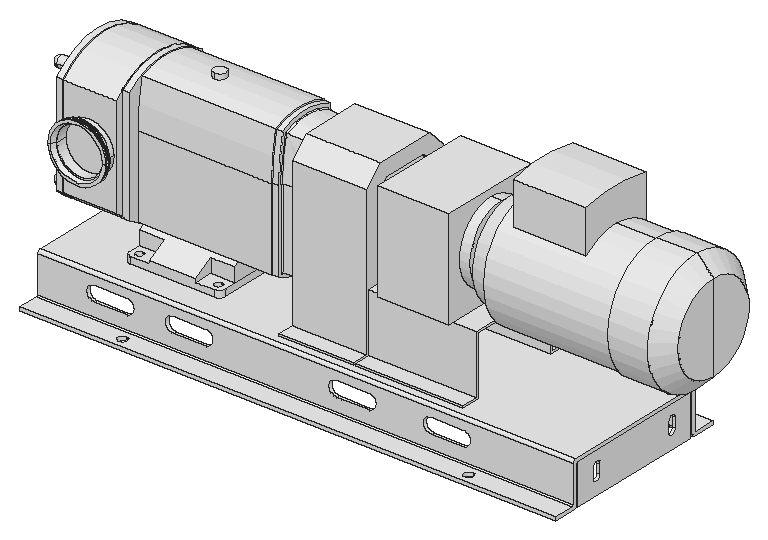
Revit family "MLP 60 - MR172 - Lobe Pump ", category Specialty Equipment, Revit 2022
Family settings
  Round Connector Dimension = Use Diameter
  Part Type = Normal
  Work Plane-Based = No
  Always vertical = Yes
  Cut with Voids When Loaded = No
  Maintain Annotation Orientation = No
  Shared = No
  Room Calculation Point = No
Parameters (values of type "MLP 60 - 3kW")
  URL = "https://en.ekinendustriyel.com/lobe-pumps/lobe-pumps"
  Type2 = not(Type1)  # no
  Type1 = yes
  Pressure = 10.0 bar  # constant formula
  Motor Power = 3 kW
  Model = "MLP-60-TUL - MR172"
  Manufacturer = "Ekin Endüstriyel"
  Keynote = "Lobe Pump"
  Flow = 16.0 m³/h  # constant formula
  Description = "MIT MLP 60 - Lobe Pump"
  Default Elevation = 0 mm
Types (3, lengths in mm): name | Type2 | Type1 | Motor Power
  (no name) | no | yes | 3 kW
  MLP 60 - 3kW | no | yes | 3 kW
  MLP 60 - 4kW | yes | no | 4 kW
Reference planes
  plane 1 "Center (Front/Back)": y = 0
  plane 2: z = 0
  plane 3 "Center (Left/Right)": x = 0
Forms (mm)
  Extrusion 1, solid, material "Ekin Endüstriyel_StainlesSteel", detail levels medium+fine
    sketch origin (0, 0, 0) x (1, 0, 0) y (0, 1, 0)
      loop
        arc (-16.982, -65) -> (-14.053, -72.071) -> (-6.982, -75) r 10
        line (-6.982, -75) -> (125.018, -75)
        arc (125.018, -75) -> (132.089, -72.071) -> (135.018, -65) r 10
        line (135.018, -65) -> (135.018, 65)
        arc (135.018, 65) -> (132.089, 72.071) -> (125.018, 75) r 10
        line (125.018, 75) -> (-6.982, 75)
        arc (-6.982, 75) -> (-14.053, 72.071) -> (-16.982, 65) r 10
        line (-16.982, 65) -> (-16.982, -65)
      loop
        circle (-3.482, 62.5) r 6
      loop
        circle (121.518, 62.5) r 6
      loop
        circle (121.518, -62.5) r 6
      loop
        circle (-3.482, -62.5) r 6
    from 0 to 10
  Extrusion 2, solid, material "Ekin Endüstriyel_StainlesSteel", detail levels medium+fine
    sketch origin (0, 0, 0) x (0, 1, 0) y (0, 0, 1)
      loop
        arc (82, 229.629) -> (0, 264) -> (-82, 229.629) r 115
        line (-82, 229.629) -> (-82, 68.371)
        arc (-82, 68.371) -> (0, 34) -> (82, 68.371) r 115
        line (82, 68.371) -> (82, 229.629)
    from -109.482 to -119.482
  Extrusion 3, solid, material "Ekin Endüstriyel_StainlesSteel", detail levels medium+fine
    sketch origin (0, 0, 0) x (0, 1, 0) y (0, 0, 1)
      loop
        line (-82, 229.629) -> (-82, 68.371)
        arc (-82, 68.371) -> (0, 34) -> (82, 68.371) r 115
        line (82, 68.371) -> (82, 229.629)
        arc (82, 229.629) -> (0, 264) -> (-82, 229.629) r 115
    from -24.482 to -109.482
  Extrusion 4, solid, material "Ekin Endüstriyel_StainlesSteel", detail levels medium+fine
    sketch origin (0, 0, 0) x (0, 1, 0) y (0, 0, 1)
      loop
        line (-56, 179.34) -> (-56, 49.702)
        arc (-56, 49.702) -> (0, 35) -> (56, 49.702) r 114
        line (56, 49.702) -> (56, 169.858)
        arc (56, 169.858) -> (53.995, 211.872) -> (48, 253.504) r 441.282
        arc (48, 253.504) -> (0, 264) -> (-48, 253.504) r 115
        arc (-48, 253.504) -> (-53.994, 216.637) -> (-56, 179.34) r 347.764
    from -12.482 to 200.518
  Sweep 5, solid, material "Ekin Endüstriyel_StainlesSteel", detail levels medium+fine
    path in 3D
      loop
        arc (200.518, 48, 253.504) -> (200.518, 53.995, 211.872) -> (200.518, 56, 169.858) r 441.282
        line (200.518, 56, 169.858) -> (200.518, 56, 48.556)
        arc (200.518, 56, 48.556) -> (200.518, 0, 34) -> (200.518, -56, 48.556) r 115
        line (200.518, -56, 48.556) -> (200.518, -56, 179.34)
        arc (200.518, -56, 179.34) -> (200.518, -53.994, 216.637) -> (200.518, -48, 253.504) r 347.764
        arc (200.518, -48, 253.504) -> (200.518, 0, 264) -> (200.518, 48, 253.504) r 115
    profile origin (200.518, 0, 264) x (0, 0, 1) y (1, 0, 0)
      loop
        line (-1, 0) -> (-1, 10) -> (-6.175, 10)
        arc (-6.175, 10) -> (-7.53, 10.527) -> (-8.172, 11.83) r 2.004
        line (-8.172, 11.83) -> (-11, 44.149)
        arc (-11, 44.149) -> (-11.65, 45.467) -> (-13.02, 46) r 2.028
        line (-13.02, 46) -> (-19.785, 46) -> (-19.785, 0) -> (-1, 0)
  Extrusion 6, solid, material "Ekin Endüstriyel_StainlesSteel", detail levels medium+fine
    sketch origin (0, 0, 0) x (0, 1, 0) y (0, 0, 1)
      loop
        arc (30.471, 239.208) -> (-0.132, 244.215) -> (-30.721, 239.123) r 95.215
        arc (-30.721, 239.123) -> (-34.839, 209.358) -> (-36.215, 179.34) r 327.979
        line (-36.215, 179.34) -> (-36.215, 60.941)
        arc (-36.215, 60.941) -> (0, 53.785) -> (36.215, 60.941) r 95.215
        line (36.215, 60.941) -> (36.215, 169.858)
        arc (36.215, 169.858) -> (34.777, 204.652) -> (30.471, 239.208) r 421.497
    from 200.518 to 246.519
  Revolve 7, solid, material "Ekin Endüstriyel_StainlesSteel", detail levels fine
    sketch origin (-19.314, 10, 149) x (1, 0, 0) y (0, 1, 0)
      loop
        line (-89.145, -92) -> (-89.145, -105.518) -> (-93.044, -105.518) -> (-94.812, -106.539) -> (-92.809, -107.696) -> (-94.812, -108.853) -> (-92.807, -110.01) -> (-94.812, -111.168) -> (-92.809, -112.325) -> (-94.812, -113.481) -> (-92.809, -114.638) -> (-95.168, -116) -> (-90.714, -116) -> (-88.17, -109.012) -> (-86.198, -109.012) -> (-86.198, -92) -> (-89.145, -92)
      axis (-49.668, -92) -> (-49.668, -116)
    angle from 0 to 360
  Extrusion 8, solid, material "Ekin Endüstriyel_StainlesSteel"
    sketch origin (-119.482, 0, 0) x (0, -1, 0) y (0, 0, 1)
      loop
        circle (0, 149) r 62.5
    from 0 to 10
  Extrusion 9, solid, material "Ekin Endüstriyel_StainlesSteel", detail levels medium+fine
    sketch origin (0, 0, 0) x (0, 1, 0) y (0, 0, 1)
      loop
        line (-40.451, 34.947) -> (-75, 15) -> (-75, 10) -> (75, 10) -> (75, 15) -> (40.451, 34.947)
        arc (40.451, 34.947) -> (0, 27.834) -> (-40.451, 34.947) r 118.583
    from 21.846 to 95.773
  Extrusion 10, solid, material "Ekin Endüstriyel_StainlesSteel", detail levels medium+fine
    sketch origin (0, -0.492, -3.909) x (0, 1, 0) y (0, 0, 1)
      loop
        line (-44.477, 13.909) -> (45.472, 13.909) -> (45.472, 36.241) -> (33.961, 42.887)
        arc (33.961, 42.887) -> (0.492, 37.909) -> (-32.977, 42.887) r 115
        line (-32.977, 42.887) -> (-44.477, 36.248) -> (-44.477, 13.909)
    from -16.982 to 134.018
  Extrusion 11, solid, material "Ekin Endüstriyel_StainlesSteel", detail levels medium
    sketch origin (-19.314, 0, -26.003) x (1, 0, 0) y (0, 0, 1)
      loop
        circle (-49.668, 175.003) r 45.5
      loop
        circle (-49.668, 175.003) r 33
    from 82 to 106
  Extrusion 12, solid, material "Ekin Endüstriyel_StainlesSteel"
    sketch origin (211.25, 0, 186.834) x (0, 0, 1) y (0, 1, 0)
      loop
        circle (-0.334, 0) r 14
    from -91.268 to -35.268
  Extrusion 13, solid, material "Ekin Endüstriyel_StainlesSteel", detail levels coarse
    sketch origin (0, 0, 0) x (0, 1, 0) y (0, 0, 1)
      loop
        line (-82, 229.629) -> (-82, 68.371)
        arc (-82, 68.371) -> (0, 34) -> (82, 68.371) r 115
        line (82, 68.371) -> (82, 229.629)
        arc (82, 229.629) -> (0, 264) -> (-82, 229.629) r 115
    from 246.518 to -119.482
  Extrusion 14, solid, material "Ekin Endüstriyel_StainlesSteel", detail levels coarse
    sketch origin (-19.314, 0, -26.003) x (1, 0, 0) y (0, 0, 1)
      loop
        circle (-49.668, 175.003) r 45.5
    from 82 to 106
  Extrusion 15, solid, material "Ekin Endüstriyel_StainlesSteel", detail levels coarse
    sketch origin (0, 0, 0) x (1, 0, 0) y (0, 1, 0)
      loop
        arc (-16.982, -65) -> (-14.053, -72.071) -> (-6.982, -75) r 10
        line (-6.982, -75) -> (125.018, -75)
        arc (125.018, -75) -> (132.089, -72.071) -> (135.018, -65) r 10
        line (135.018, -65) -> (135.018, 65)
        arc (135.018, 65) -> (132.089, 72.071) -> (125.018, 75) r 10
        line (125.018, 75) -> (-6.982, 75)
        arc (-6.982, 75) -> (-14.053, 72.071) -> (-16.982, 65) r 10
        line (-16.982, 65) -> (-16.982, -65)
      loop
        circle (-3.482, 62.5) r 6
      loop
        circle (121.518, 62.5) r 6
      loop
        circle (121.518, -62.5) r 6
      loop
        circle (-3.482, -62.5) r 6
    from 0 to 10
  Extrusion 16, solid, material "Ekin Endüstriyel_StainlesSteel", detail levels coarse
    sketch origin (0, 0, 0) x (0, 1, 0) y (0, 0, 1)
      loop
        line (-44.969, 10) -> (44.98, 10) -> (44.98, 32.332) -> (33.469, 38.978)
        arc (33.469, 38.978) -> (0, 34) -> (-33.469, 38.978) r 115
        line (-33.469, 38.978) -> (-44.969, 32.339) -> (-44.969, 10)
    from -16.982 to 134.018
  Extrusion 17, solid, material "Ekin Endüstriyel_StainlesSteel", detail levels coarse
    sketch origin (-19.508, -10, -26.004) x (1, 0, 0) y (0, 0, -1)
      loop
        circle (-49.474, -175.004) r 45.5
    from 92 to 116
  Extrusion 18, solid, material "Ekin Endüstriyel_StainlesSteel", detail levels medium+fine
    sketch origin (13.305, 0, 0) x (1, 0, 0) y (0, 1, 0)
      loop
        circle (60.713, 0) r 10
    from 262.964 to 271
  Extrusion 19, solid, material "Ekin Endüstriyel_StainlesSteel", detail levels coarse+medium
    sketch origin (-119.482, 0, 146.417) x (0, 0, 1) y (0, 1, 0)
      loop
        circle (86.252, -52) r 8.55
      loop
        circle (86.252, 52) r 8.55
      loop
        circle (-81.086, 52) r 8.55
      loop
        circle (-81.086, -52) r 8.55
    from 0 to 25.125
  Revolve 20, solid, material "Ekin Endüstriyel_StainlesSteel", detail levels fine
    sketch origin (-19.508, -10, 149) x (1, 0, 0) y (0, 1, 0)
      loop
        line (-88.951, 92) -> (-86.004, 92) -> (-86.004, 109.012) -> (-87.976, 109.012) -> (-90.519, 116) -> (-94.974, 116) -> (-92.615, 114.638) -> (-94.774, 113.391) -> (-92.927, 112.325) -> (-94.931, 111.168) -> (-92.925, 110.01) -> (-94.931, 108.853) -> (-92.927, 107.696) -> (-94.931, 106.539) -> (-93.162, 105.518) -> (-88.951, 105.518) -> (-88.951, 92)
      axis (-49.474, 92) -> (-49.474, 116)
    angle from 0 to 360
  Extrusion 21, solid, material "Ekin Endüstriyel_StainlesSteel", detail levels medium
    sketch origin (-19.508, -10, -26.004) x (1, 0, 0) y (0, 0, -1)
      loop
        circle (-49.474, -175.004) r 45.5
      loop
        circle (-49.474, -175.004) r 33
    from 92 to 116
  Extrusion 22, solid, material "Ekin Endüstriyel_StainlesSteel", detail levels medium+fine
    sketch origin (0, 0, 0) x (0, 1, 0) y (0, 0, 1)
      loop
        line (-71, 239.465) -> (-71, 58.535)
        arc (-71, 58.535) -> (0, 34) -> (71, 58.535) r 115
        line (71, 58.535) -> (71, 239.465)
        arc (71, 239.465) -> (0, 264) -> (-71, 239.465) r 115
    from -12.482 to -24.482
  Revolve 23, solid, material "Ekin Endüstriyel_StainlesSteel", detail levels fine
    sketch origin (0, 10.034, 232.669) x (1, 0, 0) y (0, 1, 0)
      loop
        line (-119.482, -70.584) -> (-119.482, -62.034) -> (-144.904, -62.034)
        arc (-144.904, -62.034) -> (-142.402, -68.08) -> (-136.357, -70.584) r 8.546
        line (-136.357, -70.584) -> (-119.482, -70.584)
      axis (-119.482, -62.034) -> (-144.904, -62.034)
    angle from 0 to 360
  Revolve 24, solid, material "Ekin Endüstriyel_StainlesSteel", detail levels fine
    sketch origin (0, -10.034, 232.669) x (1, 0, 0) y (0, 1, 0)
      loop
        line (-119.482, 70.584) -> (-136.357, 70.584)
        arc (-136.357, 70.584) -> (-142.402, 68.08) -> (-144.904, 62.034) r 8.546
        line (-144.904, 62.034) -> (-119.482, 62.034) -> (-119.482, 70.584)
      axis (-119.482, 62.034) -> (-144.904, 62.034)
    angle from 0 to 360
  Revolve 25, solid, material "Ekin Endüstriyel_StainlesSteel", detail levels fine
    sketch origin (0, 10.034, 65.331) x (0, -1, 0) y (1, 0, 0)
      loop
        line (70.584, -119.482) -> (62.034, -119.482) -> (62.034, -144.904)
        arc (62.034, -144.904) -> (68.08, -142.402) -> (70.584, -136.357) r 8.546
        line (70.584, -136.357) -> (70.584, -119.482)
      axis (62.034, -119.482) -> (62.034, -144.904)
    angle from 0 to 360
  Revolve 26, solid, material "Ekin Endüstriyel_StainlesSteel", detail levels fine
    sketch origin (0, -10.034, 65.331) x (0, -1, 0) y (1, 0, 0)
      loop
        line (-70.584, -119.482) -> (-70.584, -136.357)
        arc (-70.584, -136.357) -> (-68.08, -142.402) -> (-62.034, -144.904) r 8.546
        line (-62.034, -144.904) -> (-62.034, -119.482) -> (-70.584, -119.482)
      axis (-62.034, -119.482) -> (-62.034, -144.904)
    angle from 0 to 360
  Extrusion 27, solid, material "Ekin Endüstriyel_StainlesSteel", detail levels medium+fine
    sketch origin (134.216, -0.001, 0) x (0, 1, 0) y (0, 0, 1)
      loop
        line (154.994, -65) -> (122.001, -65)
        arc (122.001, -65) -> (120.587, -64.414) -> (120.001, -63) r 2
        line (120.001, -63) -> (120.001, -5)
        arc (120.001, -5) -> (118.537, -1.464) -> (115.001, 0) r 5
        line (115.001, 0) -> (-114.999, 0)
        arc (-114.999, 0) -> (-118.535, -1.464) -> (-119.999, -5) r 5
        line (-119.999, -5) -> (-119.999, -63)
        arc (-119.999, -63) -> (-120.585, -64.414) -> (-121.999, -65) r 2
        line (-121.999, -65) -> (-155.006, -65) -> (-155.006, -70) -> (-119.999, -70)
        arc (-119.999, -70) -> (-116.463, -68.536) -> (-114.999, -65) r 5
        line (-114.999, -65) -> (-114.999, -7)
        arc (-114.999, -7) -> (-114.413, -5.586) -> (-112.999, -5) r 2
        line (-112.999, -5) -> (113.001, -5)
        arc (113.001, -5) -> (114.415, -5.586) -> (115.001, -7) r 2
        line (115.001, -7) -> (115.001, -65)
        arc (115.001, -65) -> (116.465, -68.536) -> (120.001, -70) r 5
        line (120.001, -70) -> (154.994, -70) -> (154.994, -65)
    from -253.198 to 596.802
  Extrusion 28, void
    sketch origin (134.216, -120, -5) x (0, 0, -1) y (1, 0, 0)
      loop
        line (12.5, -112.698) -> (12.5, -162.698)
        arc (12.5, -162.698) -> (25, -175.198) -> (37.5, -162.698) r 12.5
        line (37.5, -162.698) -> (37.5, -112.698)
        arc (37.5, -112.698) -> (25, -100.198) -> (12.5, -112.698) r 12.5
      loop
        arc (12.5, -37.808) -> (25, -50.308) -> (37.5, -37.808) r 12.5
        line (37.5, -37.808) -> (37.5, 12.192)
        arc (37.5, 12.192) -> (25, 24.692) -> (12.5, 12.192) r 12.5
        line (12.5, 12.192) -> (12.5, -37.808)
      loop
        line (12.5, 271.302) -> (12.5, 221.302)
        arc (12.5, 221.302) -> (25, 208.802) -> (37.5, 221.302) r 12.5
        line (37.5, 221.302) -> (37.5, 271.302)
        arc (37.5, 271.302) -> (25, 283.802) -> (12.5, 271.302) r 12.5
      loop
        arc (12.5, 371.302) -> (25, 358.802) -> (37.5, 371.302) r 12.5
        line (37.5, 371.302) -> (37.5, 421.302)
        arc (37.5, 421.302) -> (25, 433.802) -> (12.5, 421.302) r 12.5
        line (12.5, 421.302) -> (12.5, 371.302)
    from 0 to -240
  Extrusion 29, solid, material "Ekin Endüstriyel_StainlesSteel", detail levels medium+fine
    sketch origin (760.966, -0.001, 0) x (0, -1, 0) y (0, 0, 1)
      loop
        line (-110.994, -70) -> (111.006, -70) -> (111.006, -5) -> (-110.994, -5) -> (-110.994, -70)
      loop
        arc (-67.494, -27.5) -> (-74.994, -20) -> (-82.494, -27.5) r 7.5
        line (-82.494, -27.5) -> (-82.494, -42.5)
        arc (-82.494, -42.5) -> (-74.994, -50) -> (-67.494, -42.5) r 7.5
        line (-67.494, -42.5) -> (-67.494, -27.5)
      loop
        arc (82.506, -27.5) -> (75.006, -20) -> (67.506, -27.5) r 7.5
        line (67.506, -27.5) -> (67.506, -42.5)
        arc (67.506, -42.5) -> (75.006, -50) -> (82.506, -42.5) r 7.5
        line (82.506, -42.5) -> (82.506, -27.5)
    from 34.948 to 29.948
  Extrusion 30, void
    sketch origin (134.216, -0.001, 0) x (1, 0, 0) y (0, 1, 0)
      loop
        circle (446.802, 139.994) r 7.5
      loop
        circle (-103.198, 139.994) r 7.5
      loop
        circle (-103.198, -140.006) r 7.5
      loop
        circle (446.802, -140.006) r 7.5
    from -70 to -57
  Extrusion 31, solid, material "Ekin Endüstriyel_StainlesSteel", detail levels coarse
    sketch origin (134.216, -0.001, 0) x (1, 0, 0) y (0, 1, 0)
      loop
        line (-253.198, -155.006) -> (596.802, -155.006) -> (596.802, 154.994) -> (-253.198, 154.994) -> (-253.198, -155.006)
    from 0 to -70
  Extrusion 32, solid, material "Ekin Endüstriyel_StainlesSteel", detail levels medium+fine
    sketch origin (260.466, -0.001, 0) x (0, 1, 0) y (0, 0, 1)
      loop
        line (-75.552, 236.994) -> (-75.552, 3) -> (-102, 3) -> (-102, 0) -> (-50.552, 0) -> (-50.552, 226.638) -> (-37.966, 239.224) -> (37.968, 239.224) -> (50.554, 226.638) -> (50.554, 0) -> (102, 0) -> (102, 3) -> (75.554, 3) -> (75.554, 236.994) -> (48.323, 264.224) -> (-48.321, 264.224) -> (-75.552, 236.994)
    from -10.927 to 107
  Extrusion 33, solid, material "Ekin Endüstriyel_StainlesSteel", detail levels coarse
    sketch origin (134.216, -0.001, 0) x (0, 1, 0) y (0, 0, 1)
      loop
        line (-102.006, 96.5) -> (-102.006, 0) -> (101.994, 0) -> (101.994, 96.5) -> (-102.006, 96.5)
    from 236.302 to 406.302
  Extrusion 34, solid, material "Ekin Endüstriyel_StainlesSteel", detail levels coarse
    sketch origin (260.466, -0.001, 0) x (0, 1, 0) y (0, 0, 1)
      loop
        line (-75.552, 236.994) -> (-75.552, 0) -> (75.554, 0) -> (75.554, 236.994) -> (48.323, 264.224) -> (-48.321, 264.224) -> (-75.552, 236.994)
    from -10.927 to 107
  Extrusion 35, solid, material "Ekin Endüstriyel_StainlesSteel", detail levels medium+fine
    sketch origin (134.216, -0.001, 0) x (0, 1, 0) y (0, 0, 1)
      loop
        line (-102, 3) -> (-102, 0) -> (-72, 0) -> (-72, 93.5) -> (72, 93.5) -> (72, 0) -> (102, 0) -> (102, 3) -> (75, 3) -> (75, 96.5) -> (-75, 96.5) -> (-75, 3) -> (-102, 3)
    from 236.302 to 406.302
  Extrusion 36, solid, material "Ekin Endüstriyel_StainlesSteel", visible <- "Type1", detail levels coarse
    sketch origin (134.216, -0.001, 32.5) x (0, 1, 0) y (0, 0, 1)
      loop
        circle (-0.006, 148.07) r 96.5
    from 368.875 to 722.628
  Extrusion 37, solid, material "Ekin Endüstriyel_StainlesSteel", detail levels medium+fine
    sketch origin (134.216, -0.001, 0) x (0, 1, 0) y (0, 0, 1)
      loop
        line (-81.999, 96.5) -> (82.001, 96.5) -> (82.001, 253.567) -> (-81.999, 253.567) -> (-81.999, 96.5)
    from 256.128 to 368.908
  Revolve 38, solid, material "Ekin Endüstriyel_StainlesSteel", visible <- "Type1", detail levels medium+fine
    sketch origin (134.216, -0.389, 105.5) x (0, 0, -1) y (1, 0, 0)
      loop
        line (-75.066, 722.628) -> (-144.857, 722.628) -> (-171.53, 695.955) -> (-171.53, 632.218) -> (-168.805, 632.218) -> (-168.805, 432.843) -> (-157.857, 432.843) -> (-151.611, 402.649) -> (-118.503, 402.649) -> (-118.503, 386.848) -> (-137.862, 386.848) -> (-137.862, 368.908) -> (-75.066, 368.908) -> (-75.066, 722.628)
      loop
        line (-130.27, 243.25) -> (-115.839, 243.25) -> (-115.839, 238.25) -> (-98.579, 238.25) -> (-98.579, 233.521) -> (-75.066, 233.521) -> (-75.066, 256.128) -> (-130.519, 256.128) -> (-130.27, 243.25)
      axis (-75.066, 233.521) -> (-75.066, 722.628)
    angle from 0 to 360
  Extrusion 39, solid, material "Ekin Endüstriyel_StainlesSteel", visible <- "Type1", detail levels medium+fine
    sketch origin (856.844, -0.389, 197.285) x (0, 1, 0) y (0, 0, 1)
      loop
        line (-58.118, 40.981) -> (59.175, 40.981) -> (59.175, 124.388)
        arc (59.175, 124.388) -> (0.527, 130.961) -> (-58.118, 124.36) r 264.363
        line (-58.118, 124.36) -> (-58.118, 40.981)
    from -270.73 to -155.147
  Extrusion 40, solid, material "Ekin Endüstriyel_StainlesSteel", detail levels coarse
    sketch origin (134.216, -70.001, 96.5) x (0, 1, 0) y (-1, 0, 0)
      loop
        line (152.186, -368.908) -> (152.186, -233.25) -> (-12.51, -233.25) -> (-12.51, -368.908) -> (152.186, -368.908)
    from 0 to 157
  Extrusion 41, solid, material "Ekin Endüstriyel_StainlesSteel", detail levels medium+fine
    sketch origin (-84.034, -0.001, 0) x (0, -1, 0) y (0, 0, 1)
      loop
        line (-110.994, -70) -> (111.006, -70) -> (111.006, -5) -> (-110.994, -5) -> (-110.994, -70)
      loop
        arc (-67.494, -27.5) -> (-74.994, -20) -> (-82.494, -27.5) r 7.5
        line (-82.494, -27.5) -> (-82.494, -42.5)
        arc (-82.494, -42.5) -> (-74.994, -50) -> (-67.494, -42.5) r 7.5
        line (-67.494, -42.5) -> (-67.494, -27.5)
      loop
        arc (82.506, -27.5) -> (75.006, -20) -> (67.506, -27.5) r 7.5
        line (67.506, -27.5) -> (67.506, -42.5)
        arc (67.506, -42.5) -> (75.006, -50) -> (82.506, -42.5) r 7.5
        line (82.506, -42.5) -> (82.506, -27.5)
    from 34.948 to 29.948
  Extrusion 42, solid, material "Ekin Endüstriyel_StainlesSteel", visible <- "Type2", detail levels coarse
    sketch origin (134.216, 499.999, 32.5) x (0, 1, 0) y (0, 0, 1)
      loop
        circle (-499.999, 148.07) r 107.5
    from 368.875 to 747.441
  Revolve 43, solid, material "Ekin Endüstriyel_StainlesSteel", visible <- "Type2", detail levels medium+fine
    sketch origin (134.216, -0.389, 105.5) x (0, 0, -1) y (1, 0, 0)
      loop
        line (-75.066, 747.441) -> (-151.923, 747.441) -> (-182.593, 716.771) -> (-182.593, 655.802) -> (-180.068, 655.802) -> (-180.068, 438.432) -> (-167.552, 438.432) -> (-160.39, 410.753) -> (-118.503, 410.753) -> (-118.503, 386.848) -> (-137.862, 386.848) -> (-137.862, 368.908) -> (-75.066, 368.908) -> (-75.066, 747.441)
      loop
        line (-130.27, 243.25) -> (-115.839, 243.25) -> (-115.839, 238.25) -> (-98.579, 238.25) -> (-98.579, 233.521) -> (-75.066, 233.521) -> (-75.066, 256.128) -> (-130.519, 256.128) -> (-130.27, 243.25)
      axis (-75.066, 233.521) -> (-75.066, 747.441)
    angle from 0 to 360
  Extrusion 44, solid, material "Ekin Endüstriyel_StainlesSteel", visible <- "Type2", detail levels medium+fine
    sketch origin (856.844, -0.389, 197.285) x (0, 1, 0) y (0, 0, 1)
      loop
        line (-58.118, 40.981) -> (59.175, 40.981) -> (59.175, 134.188)
        arc (59.175, 134.188) -> (0.566, 141.111) -> (-58.118, 134.86) r 264.363
        line (-58.118, 134.86) -> (-58.118, 40.981)
    from -265.207 to -147.998
Cuts and joins
  joined: Sweep 5, Extrusion 6
  joined: Extrusion 1, Extrusion 9, Extrusion 10
  joined: Extrusion 4, Extrusion 18
  Extrusion 28, Extrusion 30 cuts Extrusion 27
  joined: Revolve 38, Extrusion 39
  joined: Revolve 43, Extrusion 44
Lines and regions (mm)
  sketch lines
    curve 1: arc (200.518, -48, 253.504) -> (200.518, 0, 264) -> (200.518, 48, 253.504) r 115
    curve 2: arc (200.518, -56, 179.34) -> (200.518, -53.994, 216.637) -> (200.518, -48, 253.504) r 347.764
    curve 3: line (200.518, -56, 179.34) -> (200.518, -56, 48.556)
    curve 4: arc (200.518, 56, 48.556) -> (200.518, 0, 34) -> (200.518, -56, 48.556) r 115
    curve 5: line (200.518, 56, 48.556) -> (200.518, 56, 169.858)
    curve 6: arc (200.518, 48, 253.504) -> (200.518, 53.995, 211.872) -> (200.518, 56, 169.858) r 441.282
Dimensions and locks
  aligned and locked: level to plane 2
Connectors
  piping at (-68.982, -106, 149), diameter 76.2
    settings: on Extrusion 11, index 1, connector inside diameter 609.6 mm, connector length 0 mm, flow factor 0, pipe flow 0.0 m³/h, pressure drop 0.0 bar, fitting loss kfactor 0, connector angle 0.00°, fixture units 0, engagement length 0 mm, angle of deflection 0.00°, flow configuration 0, flow direction 0, fitting loss method 0, system type 7, joint type 0, gender type 0, connector reference index -1, connector utility 0, adjustable connector no, is connector primary yes, connector description ""
  piping at (-68.982, 106, 149), diameter 76.2
    settings: on Extrusion 17, index 2, connector inside diameter 609.6 mm, connector length 0 mm, flow factor 0, pipe flow 0.0 m³/h, pressure drop 0.0 bar, fitting loss kfactor 0, connector angle 0.00°, fixture units 0, engagement length 0 mm, angle of deflection 0.00°, flow configuration 0, flow direction 0, fitting loss method 0, system type 7, joint type 0, gender type 0, connector reference index -1, connector utility 0, adjustable connector no, is connector primary no, connector description ""
